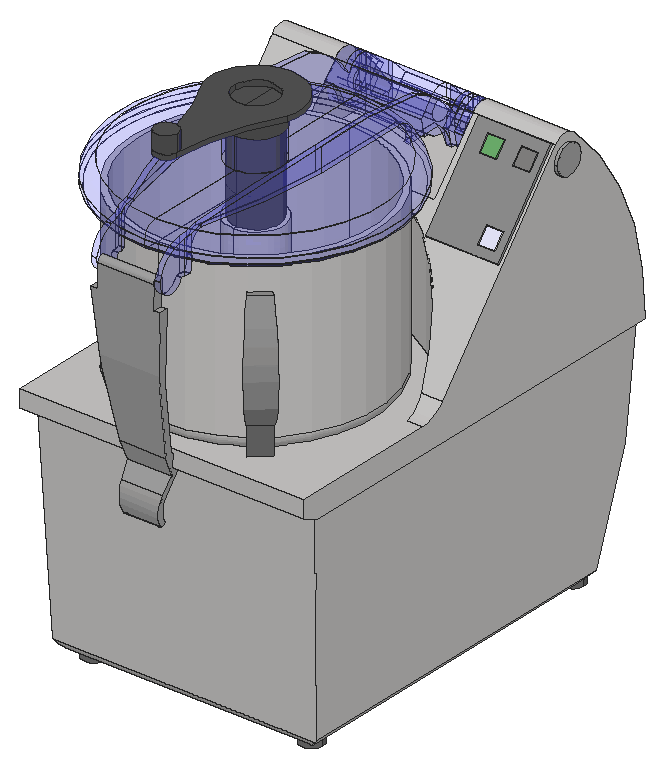
Revit family "QF_ELECTROLUXPROFESSIONAL_600544_K45Y1V6IG", category Specialty Equipment, Revit 2018
Family settings
  Round Connector Dimension = Use Diameter
  Part Type = Normal
  Work Plane-Based = No
  Always vertical = Yes
  Cut with Voids When Loaded = No
  Shared = No
  Room Calculation Point = No
Parameters (values of type "Standard")
  Weight = 22.00 kg
  Watts = 0 W
  Volts = 208 V
  URL Manufacturer = "http://professional.electrolux.com"
  URL = "http://professional.electrolux.com"
  Steam Supply Size = 0 mm
  Steam Supply Minimum Pressure = 0.0 Pa
  Steam Supply Maximum Pressure = 0.0 Pa
  Steam Pounds per Hour = 0
  Refrigeration Suction Line Size = 0.0 mm
  Refrigeration Liquid Line Size = 0.0 mm
  Refrigerant Compressor Remote = yes
  Manufacturer = "Electrolux Professional"
  Phase = 1
  Model = "K45Y1V6IG"
  Length Actual = 256.0 mm  # constant formula
  Item Number = "600544"
  Hot Water Size = 0 mm
  Height Actual = 482.0 mm  # constant formula
  HP = "1 HP"
  Gas Size = 0 mm
  Gas KW = 0
  Gas Input Pressure = 0 W
  Direct Waste Size = 0 mm
  Description = "CUTTER-MIXER 4.5L-MICROTOOTHED BLADE-1SPEED-750W-208-230V/1N/60 CB APPROVED, UK PLUG SASO"
  Depth Actual = 415.0 mm  # constant formula
  Cycle = 60 Hz
  Condensate Return Size = 0 mm
  Compressed Air Volume = 0.0 L/s
  Compressed Air Size = 0 mm
  Compressed Air Pressure = 0.0 Pa
  Cold Water Size = 0 mm
  Accessory = yes
Reference planes
  plane 1 "Center (Front/Back)": y = 0
  plane 2: z = 0
  plane 3 "Center (Left/Right)": x = 0
  plane 4 "BASE": z = 6
  plane 5 "TOP": z = 685
  plane 6 "FRONT": y = -207.5
  plane 7 "BACK": y = 207.5
  plane 8 "LEFT": x = -128
  plane 9 "RIGHT": x = 128
  plane 10 "CenterX": x = -10
  plane 11 "Maniglia": through (-10, -59.177, 4000) normal (0.766, 0.6428, 0)
  plane 12 "Panel": through (4267.2, 107.252, 388.448) normal (0, 0.766, -0.6428)
  plane 13: z = 470
Forms (mm)
  Extrusion 1, solid, material "QF_Finishes_Stainless Steel"
    sketch origin (0, 0, 0) x (0, 1, 0) y (0, 0, 1)
      loop
        arc (155.897, 6) -> (160.37, 10.596) -> (163.359, 16.27) r 22.417
        arc (163.359, 16.27) -> (192.273, 107.896) -> (201.98, 203.483) r 470.678
        line (201.98, 203.483) -> (-161.42, 203.483)
        arc (-161.42, 203.483) -> (-159.547, 108.877) -> (-151.391, 14.604) r 1423.016
        arc (-151.391, 14.604) -> (-146.603, 8.365) -> (-139.103, 6) r 13.076
        line (-139.103, 6) -> (155.897, 6)
    from -128 to 128
  Extrusion 2, void
    sketch origin (0, -207.5, 0) x (-1, 0, 0) y (0, 0, 1)
      loop
        line (128, 203.483) -> (125, 203.483) -> (119.389, 16.27) -> (109.119, 6) -> (128, 6) -> (128, 203.483)
      loop
        line (-128, 203.483) -> (-128, 6) -> (-109.119, 6) -> (-119.389, 16.27) -> (-125, 203.483) -> (-128, 203.483)
    from 14.374 to 435.947
  Extrusion 3, solid, material "QF_Finishes_Stainless Steel"
    sketch origin (0, 0, 0) x (0, 1, 0) y (0, 0, 1)
      loop
        arc (207.5, 203.483) -> (187.745, 305.45) -> (127.203, 389.844) r 242.898
        arc (127.203, 389.844) -> (116.931, 393.38) -> (107.252, 388.448) r 13.902
        line (107.252, 388.448) -> (-20.106, 236.67)
        arc (-20.106, 236.67) -> (-30.264, 228.875) -> (-42.764, 226.104) r 29.578
        line (-42.764, 226.104) -> (-177.764, 226.104) -> (-177.764, 211.104) -> (-161.42, 203.483) -> (207.5, 203.483)
    from -128 to 128
  Extrusion 4, void
    sketch origin (0, -207.5, 0) x (-1, 0, 0) y (0, 0, 1)
      loop
        line (-53.607, 393.414) -> (-53.607, 336.684) -> (71.073, 336.684) -> (71.073, 393.414) -> (-53.607, 393.414)
    from 255.469 to 415
  Revolve 5, solid, material "QF_Plastic-Black"
    sketch origin (-10, 0, 0) x (0, -1, 0) y (0, 0, 1)
      loop
        line (59.177, 450.527) -> (28.516, 450.527) -> (35.424, 443.619) -> (35.424, 430.527) -> (38.194, 430.527) -> (38.194, 356.104) -> (59.177, 356.104) -> (59.177, 450.527)
      axis (59.177, 356.104) -> (59.177, 450.527)
    angle from 0 to 360
  Extrusion 6, solid, material "QF_Plastic-Black"
    sketch origin (0, 0, 0) x (1, 0, 0) y (0, 1, 0)
      loop
        arc (-48.167, -71.147) -> (-28.951, -114.517) -> (-19.956, -161.093) r 210.055
        arc (-19.956, -161.093) -> (-10, -170.155) -> (-0.044, -161.093) r 10
        arc (-0.044, -161.093) -> (8.951, -114.517) -> (28.167, -71.147) r 210.055
        arc (28.167, -71.147) -> (-10, -19.177) -> (-48.167, -71.147) r 40
    from 450.5 to 455
  Extrusion 7, solid, material "QF_Plastic-Black"
    sketch origin (0, 0, 0) x (1, 0, 0) y (0, 1, 0)
      loop
        circle (-10, -160.155) r 10
    from 455 to 470
  Extrusion 8, void
    sketch origin (0, 0, 0) x (1, 0, 0) y (0, 1, 0)
      loop
        circle (-10, -59.177) r 19
    from 427.6 to 472.8
  Extrusion 9, void
    sketch origin (0, 0, 0) x (1, 0, 0) y (0, 1, 0)
      loop
        arc (115, -59.177) -> (-10, 65.823) -> (-135, -59.177) r 125
        line (-135, -59.177) -> (115, -59.177)
    from 226.104 to 336.684
  Extrusion 10, void
    sketch origin (-20, 0, 0) x (-1, 0, 0) y (0, -1, 0)
      loop
        line (16.15, 177.864) -> (16.15, -123.86) -> (35.771, -123.86) -> (35.771, 48.192)
        arc (35.771, 48.192) -> (30.047, 105.502) -> (17.781, 161.776) r 500.876
        line (17.781, 161.776) -> (17.781, 171.776) -> (16.15, 177.864)
      loop
        line (40.771, -123.86) -> (45.852, -123.86) -> (45.852, 210.681) -> (21.15, 210.681) -> (21.15, 178.522) -> (22.781, 172.434) -> (22.781, 162.459)
        arc (22.781, 162.459) -> (35.047, 105.893) -> (40.771, 48.297) r 505.876
        line (40.771, 48.297) -> (40.771, -123.86)
    from 350.345 to 477.521
  Extrusion 11, solid, material "Glass"
    sketch origin (-20, 0, 0) x (0, 1, 0) y (0, 0, -1)
      loop
        line (-173.064, -369.647) -> (-181.303, -369.647)
        arc (-181.303, -369.647) -> (-196.341, -361.818) -> (-205.451, -376.117) r 12.548
        arc (-205.451, -376.117) -> (-199.87, -388.651) -> (-189.058, -397.099) r 28.357
        arc (-189.058, -397.099) -> (-65.868, -423.241) -> (59.99, -418.888) r 518.061
        arc (59.99, -418.888) -> (85.116, -404.522) -> (104.437, -382.973) r 90.696
        arc (104.437, -382.973) -> (113.885, -392.821) -> (127.203, -389.844) r 13.902
        arc (127.203, -389.844) -> (135.322, -382.188) -> (143.082, -374.167) r 242.898
        line (143.082, -374.167) -> (137.378, -368.464)
        arc (137.378, -368.464) -> (123.613, -353.84) -> (104.088, -358.543) r 20
        line (104.088, -358.543) -> (99.34, -358.543)
        arc (99.34, -358.543) -> (94.194, -371.609) -> (85.823, -382.884) r 53.446
        line (85.823, -382.884) -> (50.823, -382.884)
        arc (50.823, -382.884) -> (52.796, -383.701) -> (53.614, -385.674) r 2.79
        line (53.614, -385.674) -> (53.614, -390.892)
        arc (53.614, -390.892) -> (50.154, -399.244) -> (41.802, -402.703) r 11.812
        line (41.802, -402.703) -> (-160.307, -402.703)
        arc (-160.307, -402.703) -> (-168.659, -399.244) -> (-172.119, -390.892) r 11.812
        line (-172.119, -390.892) -> (-172.119, -385.826)
        arc (-172.119, -385.826) -> (-171.728, -384.361) -> (-170.659, -383.285) r 2.942
        line (-170.659, -383.285) -> (-173.064, -369.647)
      loop
        circle (117.901, -373.007) r 9.416
    from 16.15 to 45.852
  Extrusion 12, solid, material "Glass"
    sketch origin (0, 0, 0) x (0, 1, 0) y (0, 0, 1)
      loop
        line (137.378, 368.464) -> (143.082, 374.167)
        arc (143.082, 374.167) -> (135.322, 382.188) -> (127.203, 389.844) r 242.898
        arc (127.203, 389.844) -> (116.931, 393.38) -> (107.252, 388.448) r 13.902
        line (107.252, 388.448) -> (95.766, 374.76)
        arc (95.766, 374.76) -> (97.862, 366.72) -> (99.34, 358.543) r 108.872
        line (99.34, 358.543) -> (104.088, 358.543)
        arc (104.088, 358.543) -> (123.613, 353.84) -> (137.378, 368.464) r 20
      loop
        circle (117.901, 373.007) r 9.416
    from -71.073 to 53.607
  Extrusion 13, solid, material "QF_Finishes_Gray"
    sketch origin (0, 0, 0) x (0, 1, 0) y (0, 0, 1)
      loop
        arc (-182.273, 168.111) -> (-185.377, 178.111) -> (-182.273, 188.111) r 17.658
        line (-182.273, 188.111) -> (-169.592, 207.294) -> (-177.764, 211.104) -> (-177.764, 222.201) -> (-180.378, 224.815)
        arc (-180.378, 224.815) -> (-194.973, 298.318) -> (-196.805, 373.235) r 437.299
        arc (-196.805, 373.235) -> (-201.296, 377.726) -> (-205.788, 373.235) r 4.491
        arc (-205.788, 373.235) -> (-201.07, 296.739) -> (-185.461, 221.705) r 534.528
        line (-185.461, 221.705) -> (-177.764, 203.503) -> (-186.394, 190.943)
        arc (-186.394, 190.943) -> (-190.377, 178.111) -> (-186.394, 165.28) r 22.658
        arc (-186.394, 165.28) -> (-182.917, 164.635) -> (-182.273, 168.111) r 2.5
    from -49.646 to 27.326
  Extrusion 14, void
    sketch origin (0, -207.5, 0) x (-1, 0, 0) y (0, 0, 1)
      loop
        line (-15.15, 396.938) -> (-47.326, 396.938) -> (-47.326, 161.938) -> (-5.366, 161.938) -> (-20.516, 351.652) -> (-15.15, 351.652) -> (-15.15, 396.938)
      loop
        line (26.963, 161.938) -> (77.918, 161.938) -> (77.918, 396.938) -> (35.15, 396.938) -> (35.15, 351.652) -> (42.113, 351.652) -> (26.963, 161.938)
    from 46.08 to -69.339
  Extrusion 15, solid, material "Glass"
    sketch origin (0, 0, 0) x (0, 1, 0) y (0, 0, 1)
      loop
        line (-173.064, 369.647) -> (-170.659, 383.285)
        arc (-170.659, 383.285) -> (-171.728, 384.361) -> (-172.119, 385.826) r 2.942
        line (-172.119, 385.826) -> (-172.119, 390.892)
        arc (-172.119, 390.892) -> (-168.659, 399.244) -> (-160.307, 402.703) r 11.812
        line (-160.307, 402.703) -> (41.802, 402.703)
        arc (41.802, 402.703) -> (50.154, 399.244) -> (53.614, 390.892) r 11.812
        line (53.614, 390.892) -> (53.614, 385.674)
        arc (53.614, 385.674) -> (52.796, 383.701) -> (50.823, 382.884) r 2.79
        line (50.823, 382.884) -> (85.823, 382.884)
        arc (85.823, 382.884) -> (94.194, 371.609) -> (99.34, 358.543) r 53.446
        line (99.34, 358.543) -> (104.088, 358.543)
        arc (104.088, 358.543) -> (123.613, 353.84) -> (137.378, 368.464) r 20
        line (137.378, 368.464) -> (143.082, 374.167)
        arc (143.082, 374.167) -> (135.322, 382.188) -> (127.203, 389.844) r 242.898
        arc (127.203, 389.844) -> (113.885, 392.821) -> (104.437, 382.973) r 13.902
        arc (104.437, 382.973) -> (85.116, 404.522) -> (59.99, 418.888) r 90.696
        arc (59.99, 418.888) -> (-65.868, 423.241) -> (-189.058, 397.099) r 518.061
        arc (-189.058, 397.099) -> (-199.87, 388.651) -> (-205.451, 376.117) r 28.357
        arc (-205.451, 376.117) -> (-196.341, 361.818) -> (-181.303, 369.647) r 12.548
        line (-181.303, 369.647) -> (-173.064, 369.647)
      loop
        circle (117.901, 373.007) r 9.416
    from 16.15 to 45.852
  Extrusion 16, void
    sketch origin (0, 0, 0) x (1, 0, 0) y (0, 1, 0)
      loop
        line (16.15, -177.864) -> (17.781, -171.776) -> (17.781, -161.776)
        arc (17.781, -161.776) -> (30.047, -105.502) -> (35.771, -48.192) r 500.876
        line (35.771, -48.192) -> (35.771, 123.86) -> (16.15, 123.86) -> (16.15, -177.864)
      loop
        line (40.771, 123.86) -> (40.771, -48.297)
        arc (40.771, -48.297) -> (35.047, -105.893) -> (22.781, -162.459) r 505.876
        line (22.781, -162.459) -> (22.781, -172.434) -> (21.15, -178.522) -> (21.15, -210.681) -> (45.852, -210.681) -> (45.852, 123.86) -> (40.771, 123.86)
    from 350.345 to 477.521
  Revolve 17, solid, material "Glass"
    sketch origin (-10, 0, -40) x (0, -1, 0) y (0, 0, 1)
      loop
        line (38.194, 422.884) -> (38.194, 470.527) -> (35.424, 470.527) -> (35.424, 442.703) -> (-53.802, 442.703)
        arc (-53.802, 442.703) -> (-62.213, 439.268) -> (-65.732, 430.892) r 11.871
        line (-65.732, 430.892) -> (-65.732, 425.793)
        arc (-65.732, 425.793) -> (-64.88, 423.736) -> (-62.823, 422.884) r 2.909
        line (-62.823, 422.884) -> (38.194, 422.884)
      axis (59.177, 422.884) -> (59.177, 470.527)
    angle from 0 to 360
  Revolve 18, solid, material "QF_Metal-Stainless-Polished"
    sketch origin (-10, 0, 0) x (0, -1, 0) y (0, 0, 1)
      loop
        line (169.177, 382.884) -> (164.177, 382.884) -> (164.177, 237.884)
        arc (164.177, 237.884) -> (162.191, 233.09) -> (157.397, 231.104) r 6.78
        line (157.397, 231.104) -> (84.177, 231.104) -> (84.177, 356.104) -> (79.177, 356.104) -> (79.177, 226.104) -> (157.397, 226.104)
        arc (157.397, 226.104) -> (165.726, 229.554) -> (169.177, 237.884) r 11.78
        line (169.177, 237.884) -> (169.177, 382.884)
      axis (59.177, 382.884) -> (59.177, 226.104)
    angle from 0 to 360
  Extrusion 19, solid, material "QF_Plastic-Gray-Matte"
    sketch origin (-49.423, -13.925, 0) x (0.634002, 0.773331, 0) y (-0.773331, 0.634002, 0)
      loop
        line (-55.497, -222.333) -> (-26.468, -227.794) -> (-20.635, -161.119)
        arc (-20.635, -161.119) -> (-28.727, -159.898) -> (-36.729, -158.185) r 133.529
        line (-36.729, -158.185) -> (-55.497, -222.333)
    from 226.104 to 356.104
  Revolve 20, void
    sketch origin (-35.007, -29.374, 0) x (-0.642788, 0.766044, 0) y (0, 0, 1)
      loop
        arc (-155.215, 337.579) -> (-171.344, 302.579) -> (-155.215, 267.579) r 46.04
        line (-155.215, 267.579) -> (-147.754, 267.579) -> (-147.754, 337.579) -> (-155.215, 337.579)
      loop
        line (-155.215, 356.104) -> (-147.754, 356.104) -> (-147.754, 361.761) -> (-215.215, 361.761) -> (-215.215, 226.104) -> (-147.754, 226.104) -> (-147.754, 256.485) -> (-163.93, 256.485)
        arc (-163.93, 256.485) -> (-184.453, 308.471) -> (-155.215, 356.104) r 62.537
      axis (10, 361.761) -> (10, 226.104)
    angle from -8.217 to 8.652
  Extrusion 21, solid, material "QF_Finishes_Rubber Black"
    sketch origin (0, 0, 0) x (1, 0, 0) y (0, 1, 0)
      loop
        arc (57.446, -154.071) -> (64.931, -148.135) -> (72.061, -141.775) r 165.215
        line (72.061, -141.775) -> (66.401, -136.116)
        arc (66.401, -136.116) -> (59.824, -141.977) -> (52.928, -147.46) r 157.215
        line (52.928, -147.46) -> (57.446, -154.071)
    from 226.104 to 256.485
  Extrusion 22, solid, material "QF_Plastic-Gray-Matte"
    sketch origin (0, -128.336, 107.686) x (0, 0.642788, 0.766044) y (1, 0, 0)
      loop
        line (366.07, 59.066) -> (366.07, 124.8) -> (272.743, 124.8) -> (272.743, 59.066) -> (366.07, 59.066)
      loop
        line (356.63, 102.599) -> (356.63, 117.599) -> (341.63, 117.599) -> (341.63, 102.599) -> (356.63, 102.599)
      loop
        line (295.63, 102.599) -> (295.63, 117.599) -> (280.63, 117.599) -> (280.63, 102.599) -> (295.63, 102.599)
      loop
        line (356.63, 72.599) -> (356.63, 87.599) -> (341.63, 87.599) -> (341.63, 72.599) -> (356.63, 72.599)
    from -1 to 0.6
  Extrusion 23, solid, material "QF_Finishes_Red"
    sketch origin (0, -128.336, 107.686) x (0, 0.642788, 0.766044) y (1, 0, 0)
      loop
        line (356.63, 102.599) -> (356.63, 117.599) -> (341.63, 117.599) -> (341.63, 102.599) -> (356.63, 102.599)
    from -1 to 0.6
  Extrusion 24, solid, material "QF_Finishes_Green"
    sketch origin (-27.396, -127.834, 108.284) x (0, 0.642788, 0.766044) y (1, 0, 0)
      loop
        line (355.85, 99.994) -> (355.85, 114.994) -> (340.786, 114.994) -> (340.786, 99.994) -> (355.85, 99.994)
    from -1 to 0.6
  Extrusion 25, solid, material "QF_Plastic-White-Matte"
    sketch origin (0, -167.546, 60.958) x (0, 0.642788, 0.766044) y (1, 0, 0)
      loop
        line (356.63, 102.599) -> (356.63, 117.599) -> (341.63, 117.599) -> (341.63, 102.599) -> (356.63, 102.599)
    from -1 to 0.6
  Extrusion 26, solid, material "QF_Finishes_Stainless Steel"
    sketch origin (0, 207.5, 0) x (-1, 0, 0) y (0, 0, 1)
      loop
        circle (0, 202) r 10.353
    from -6.2 to 3
  Revolve 27, solid, material "QF_Door-Drawer Clearances", detail levels coarse
    sketch origin (-10, -221.856, 479.549) x (0, 0, 1) y (0, 1, 0)
      loop
        line (59.177, 490.527) -> (28.516, 490.527) -> (35.424, 483.619) -> (35.424, 470.527) -> (38.194, 470.527) -> (38.194, 442.703) -> (59.177, 442.703) -> (59.177, 490.527)
      axis (59.177, 442.703) -> (59.177, 490.527)
    angle from 0 to 360
  Extrusion 28, solid, material "QF_Door-Drawer Clearances", detail levels coarse
    sketch origin (0, -221.856, 479.549) x (1, 0, 0) y (0, 0, -1)
      loop
        arc (-48.167, -71.147) -> (-28.951, -114.517) -> (-19.956, -161.093) r 210.055
        arc (-19.956, -161.093) -> (-10, -170.155) -> (-0.044, -161.093) r 10
        arc (-0.044, -161.093) -> (8.951, -114.517) -> (28.167, -71.147) r 210.055
        arc (28.167, -71.147) -> (-10, -19.177) -> (-48.167, -71.147) r 40
    from 490.527 to 495.013
  Extrusion 29, solid, material "QF_Door-Drawer Clearances", detail levels coarse
    sketch origin (0, -221.856, 479.549) x (1, 0, 0) y (0, 0, -1)
      loop
        circle (-10, -160.155) r 10
    from 495.013 to 510.592
  Extrusion 30, void
    sketch origin (-20, -221.856, 479.359) x (-1, 0, 0) y (0, 0, 1)
      loop
        line (16.15, 177.864) -> (16.15, -123.86) -> (35.771, -123.86) -> (35.771, 48.192)
        arc (35.771, 48.192) -> (30.047, 105.502) -> (17.781, 161.776) r 500.876
        line (17.781, 161.776) -> (17.781, 171.776) -> (16.15, 177.864)
      loop
        line (40.771, -123.86) -> (45.852, -123.86) -> (45.852, 210.681) -> (21.15, 210.681) -> (21.15, 178.522) -> (22.781, 172.434) -> (22.781, 162.459)
        arc (22.781, 162.459) -> (35.047, 105.893) -> (40.771, 48.297) r 505.876
        line (40.771, 48.297) -> (40.771, -123.86)
    from 350.345 to 477.521
  Extrusion 31, solid, material "QF_Door-Drawer Clearances", detail levels coarse
    sketch origin (-20, -221.856, 479.359) x (0, 0, -1) y (0, -1, 0)
      loop
        line (-173.064, -409.647) -> (-181.303, -409.647)
        arc (-181.303, -409.647) -> (-196.341, -401.818) -> (-205.451, -416.117) r 12.548
        arc (-205.451, -416.117) -> (-199.87, -428.651) -> (-189.058, -437.099) r 28.357
        arc (-189.058, -437.099) -> (-65.868, -463.241) -> (59.99, -458.888) r 518.061
        arc (59.99, -458.888) -> (92.246, -438.11) -> (113.023, -405.855) r 90.696
        arc (113.023, -405.855) -> (114.903, -399.662) -> (115.972, -393.28) r 50.278
        arc (115.972, -393.28) -> (121.968, -392.806) -> (127.203, -389.844) r 13.902
        arc (127.203, -389.844) -> (129.309, -387.924) -> (131.393, -385.98) r 242.898
        arc (131.393, -385.98) -> (114.739, -373.307) -> (99.238, -359.247) r 242.898
        arc (99.238, -359.247) -> (87.934, -393.903) -> (65.823, -422.884) r 108.872
        line (65.823, -422.884) -> (50.823, -422.884)
        arc (50.823, -422.884) -> (52.796, -423.701) -> (53.614, -425.674) r 2.79
        line (53.614, -425.674) -> (53.614, -430.892)
        arc (53.614, -430.892) -> (50.154, -439.244) -> (41.802, -442.703) r 11.812
        line (41.802, -442.703) -> (-160.307, -442.703)
        arc (-160.307, -442.703) -> (-168.659, -439.244) -> (-172.119, -430.892) r 11.812
        line (-172.119, -430.892) -> (-172.119, -425.826)
        arc (-172.119, -425.826) -> (-171.728, -424.361) -> (-170.659, -423.285) r 2.942
        line (-170.659, -423.285) -> (-173.064, -409.647)
    from 16.15 to 45.852
  Extrusion 32, void
    sketch origin (0, -221.856, 479.359) x (1, 0, 0) y (0, 0, -1)
      loop
        line (16.15, -177.864) -> (17.781, -171.776) -> (17.781, -161.776)
        arc (17.781, -161.776) -> (30.047, -105.502) -> (35.771, -48.192) r 500.876
        line (35.771, -48.192) -> (35.771, 123.86) -> (16.15, 123.86) -> (16.15, -177.864)
      loop
        line (40.771, 123.86) -> (40.771, -48.297)
        arc (40.771, -48.297) -> (35.047, -105.893) -> (22.781, -162.459) r 505.876
        line (22.781, -162.459) -> (22.781, -172.434) -> (21.15, -178.522) -> (21.15, -210.681) -> (45.852, -210.681) -> (45.852, 123.86) -> (40.771, 123.86)
    from 350.345 to 477.521
  Extrusion 33, solid, material "QF_Door-Drawer Clearances", detail levels coarse
    sketch origin (0, -221.856, 479.359) x (0, 0, -1) y (0, 1, 0)
      loop
        line (-173.064, 409.647) -> (-170.659, 423.285)
        arc (-170.659, 423.285) -> (-171.728, 424.361) -> (-172.119, 425.826) r 2.942
        line (-172.119, 425.826) -> (-172.119, 430.892)
        arc (-172.119, 430.892) -> (-168.659, 439.244) -> (-160.307, 442.703) r 11.812
        line (-160.307, 442.703) -> (41.802, 442.703)
        arc (41.802, 442.703) -> (50.154, 439.244) -> (53.614, 430.892) r 11.812
        line (53.614, 430.892) -> (53.614, 425.674)
        arc (53.614, 425.674) -> (52.796, 423.701) -> (50.823, 422.884) r 2.79
        line (50.823, 422.884) -> (65.823, 422.884)
        arc (65.823, 422.884) -> (87.934, 393.903) -> (99.238, 359.247) r 108.872
        arc (99.238, 359.247) -> (114.739, 373.307) -> (131.393, 385.98) r 242.898
        arc (131.393, 385.98) -> (129.309, 387.924) -> (127.203, 389.844) r 242.898
        arc (127.203, 389.844) -> (121.968, 392.806) -> (115.972, 393.28) r 13.902
        arc (115.972, 393.28) -> (114.903, 399.662) -> (113.023, 405.855) r 50.278
        arc (113.023, 405.855) -> (92.246, 438.11) -> (59.99, 458.888) r 90.696
        arc (59.99, 458.888) -> (-65.868, 463.241) -> (-189.058, 437.099) r 518.061
        arc (-189.058, 437.099) -> (-199.87, 428.651) -> (-205.451, 416.117) r 28.357
        arc (-205.451, 416.117) -> (-196.341, 401.818) -> (-181.303, 409.647) r 12.548
        line (-181.303, 409.647) -> (-173.064, 409.647)
    from 16.15 to 45.852
  Revolve 34, solid, material "QF_Door-Drawer Clearances", detail levels coarse
    sketch origin (-10, -221.856, 479.549) x (0, 0, 1) y (0, 1, 0)
      loop
        line (38.194, 422.884) -> (38.194, 470.527) -> (35.424, 470.527) -> (35.424, 442.703) -> (-53.802, 442.703)
        arc (-53.802, 442.703) -> (-62.213, 439.268) -> (-65.732, 430.892) r 11.871
        line (-65.732, 430.892) -> (-65.732, 425.793)
        arc (-65.732, 425.793) -> (-64.88, 423.736) -> (-62.823, 422.884) r 2.909
        line (-62.823, 422.884) -> (38.194, 422.884)
      axis (59.177, 422.884) -> (59.177, 470.527)
    angle from 0 to 360
  Extrusion 35, solid, material "QF_Finishes_Rubber Black"
    sketch origin (0, 0, 0) x (1, 0, 0) y (0, 1, 0)
      loop
        circle (-98.592, 163.359) r 10
      loop
        circle (-98.592, -131.641) r 10
      loop
        circle (98.592, 163.359) r 10
      loop
        circle (98.592, -131.641) r 10
    from 0 to 6
  Extrusion 36, solid, material "QF_Finishes_Gray"
    sketch origin (0, 0, 0) x (0, 1, 0) y (0, 0, 1)
      loop
        circle (117.901, 373.007) r 13.005
    from 131.516 to 128
  Extrusion 37, solid, material "QF_Finishes_Gray"
    sketch origin (0, 0, 0) x (0, 1, 0) y (0, 0, -1)
      loop
        circle (117.901, -373.007) r 13.005
    from 131.516 to 128
Cuts and joins
  Extrusion 2, Extrusion 8, Extrusion 9 cuts Extrusion 1
  Extrusion 4, Extrusion 9 cuts Extrusion 3
  Extrusion 8 cuts Extrusion 6
  Extrusion 10, Extrusion 16, Extrusion 30, Extrusion 32 cuts Extrusion 11
  Extrusion 14, Extrusion 16, Extrusion 30 cuts Extrusion 13
  Extrusion 16, Extrusion 30, Extrusion 32 cuts Extrusion 12
  Extrusion 16 cuts Extrusion 15
  Revolve 20 cuts Extrusion 19
  Extrusion 30 cuts Revolve 17
  Extrusion 30 cuts Revolve 18
  Extrusion 30, Extrusion 32 cuts Extrusion 31
  Extrusion 32 cuts Extrusion 33
Lines and regions (mm)
  symbolic lines
    curve 1: arc (-10, -172.155, 0) -> (3.999, -171.284, 0) -> (17.781, -168.686, 0) r 112.979
    curve 2: arc (-10, -184.085, 0) -> (-23.148, -183.391, 0) -> (-36.15, -181.317, 0) r 124.909
    curve 3: line (128, -157.764, 0) -> (128, 187.57, 0)
    curve 4: line (124.8, 106.204, 0) -> (59.066, 106.204, 0)
    curve 5: line (102.599, 90.494, 0) -> (117.599, 90.494, 0)
    curve 6: line (117.599, 62.151, 0) -> (102.599, 62.151, 0)
    curve 7: line (102.599, 51.284, 0) -> (117.599, 51.284, 0)
    curve 8: line (102.599, 62.151, 0) -> (102.599, 51.284, 0)
    curve 9: line (117.599, 51.284, 0) -> (117.599, 62.151, 0)
    curve 10: line (117.599, 90.494, 0) -> (117.599, 101.361, 0)
    curve 11: line (102.599, 101.361, 0) -> (102.599, 90.494, 0)
    curve 12: arc (-0.044, -161.093, 0) -> (8.951, -114.517, 0) -> (28.167, -71.147, 0) r 210.055
    curve 13: arc (28.167, -71.147, 0) -> (-10, -19.177, 0) -> (-48.167, -71.147, 0) r 40
    curve 14: arc (-48.167, -71.147, 0) -> (-28.951, -114.517, 0) -> (-19.956, -161.093, 0) r 210.055
    curve 15: arc (-19.956, -161.093, 0) -> (-10, -170.155, 0) -> (-0.044, -161.093, 0) r 10
    curve 16: arc (0, -160.155, 0) -> (-10, -150.155, 0) -> (-20, -160.155, 0) r 10
    curve 17: arc (-55.771, -48.192, 0) -> (-50.047, -105.502, 0) -> (-37.781, -161.776, 0) r 500.876
    curve 18: arc (-42.781, -162.459, 0) -> (-55.047, -105.893, 0) -> (-60.771, -48.297, 0) r 505.876
    curve 19: line (-55.771, 123.86, 0) -> (-55.771, -48.192, 0)
    curve 20: line (-60.771, -48.297, 0) -> (-60.771, 123.86, 0)
    curve 21: line (40.771, 123.86, 0) -> (40.771, -48.297, 0)
    curve 22: line (35.771, -48.192, 0) -> (35.771, 123.86, 0)
    curve 23: arc (40.771, -48.297, 0) -> (35.047, -105.893, 0) -> (22.781, -162.459, 0) r 505.876
    curve 24: arc (17.781, -161.776, 0) -> (30.047, -105.502, 0) -> (35.771, -48.192, 0) r 500.876
    curve 25: line (22.781, -162.459, 0) -> (22.781, -172.434, 0)
    curve 26: line (17.781, -171.776, 0) -> (17.781, -161.776, 0)
    curve 27: line (16.15, -177.864, 0) -> (17.781, -171.776, 0)
    curve 28: line (22.781, -172.434, 0) -> (21.15, -178.522, 0)
    curve 29: line (21.15, -178.522, 0) -> (21.15, -205.641, 0)
    curve 30: line (-37.781, -161.776, 0) -> (-37.781, -171.776, 0)
    curve 31: line (-42.781, -172.434, 0) -> (-42.781, -162.459, 0)
    curve 32: line (-41.15, -178.522, 0) -> (-42.781, -172.434, 0)
    curve 33: line (-37.781, -171.776, 0) -> (-36.15, -177.864, 0)
    curve 34: line (-41.15, -205.641, 0) -> (-41.15, -178.522, 0)
    curve 35: spline (22.008, -197.61, 0) -> (21.937, -197.617, 0) -> (21.865, -197.622, 0) -> (21.794, -197.626, 0) -> (21.722, -197.627, 0) -> (21.651, -197.627, 0) -> (21.579, -197.625, 0) -> (21.508, -197.621, 0) -> (21.436, -197.615, 0) -> (21.365, -197.608, 0) -> (21.293, -197.598, 0) -> (21.222, -197.587, 0) -> (21.15, -197.574, 0)
    curve 36: line (-71.073, 171.51, 0) -> (53.607, 171.51, 0)
    curve 37: line (59.066, 46.214, 0) -> (124.8, 46.214, 0)
    curve 38: line (59.066, 106.204, 0) -> (59.066, 46.214, 0)
    curve 39: line (124.8, 46.214, 0) -> (124.8, 107.429, 0)
    curve 40: line (53.607, 48.324, 0) -> (53.607, 171.51, 0)
    curve 41: line (-71.073, 171.51, 0) -> (-71.073, 49.783, 0)
    curve 42: arc (40.771, 54.948, 0) -> (114.476, -69.566, 0) -> (21.15, -180.138, 0) r 124.909
    curve 43: arc (-60.771, 41.751, 0) -> (-122.562, -68.863, 0) -> (-42.781, -167.295, 0) r 112.979
    curve 44: line (93.154, -162.392, 0) -> (78.293, -147.531, 0)
    curve 45: line (93.154, -162.392, 0) -> (74.048, -178.424, 0)
    curve 46: line (74.048, -178.424, 0) -> (61.96, -161.274, 0)
    curve 47: arc (-37.781, -168.686, 0) -> (-23.999, -171.284, 0) -> (-10, -172.155, 0) r 112.979
    curve 48: arc (-41.15, -180.138, 0) -> (-94.625, -151.05, 0) -> (-128, -100.142, 0) r 124.909
    curve 49: arc (22.781, -167.295, 0) -> (102.562, -68.863, 0) -> (40.771, 41.751, 0) r 112.979
    curve 50: arc (16.15, -181.317, 0) -> (3.148, -183.391, 0) -> (-10, -184.085, 0) r 124.909
    curve 51: line (16.15, -205.242, 0) -> (16.15, -177.864, 0)
    curve 52: line (-36.15, -205.641, 0) -> (-36.15, -177.864, 0)
    curve 53: line (-41.15, -205.641, 0) -> (21.15, -205.641, 0)
    curve 54: line (22.008, -205.53, 0) -> (22.008, -197.61, 0)
    curve 55: line (22.008, -205.53, 0) -> (21.15, -205.53, 0)
    curve 56: spline (-42.008, -197.61, 0) -> (-41.937, -197.617, 0) -> (-41.865, -197.622, 0) -> (-41.794, -197.626, 0) -> (-41.722, -197.627, 0) -> (-41.651, -197.627, 0) -> (-41.579, -197.625, 0) -> (-41.508, -197.621, 0) -> (-41.436, -197.615, 0) -> (-41.365, -197.608, 0) -> (-41.293, -197.598, 0) -> (-41.222, -197.587, 0) -> (-41.15, -197.574, 0)
    curve 57: line (-42.008, -205.53, 0) -> (-42.008, -197.61, 0)
    curve 58: line (-42.008, -205.53, 0) -> (-41.15, -205.53, 0)
    curve 59: arc (-128, -18.211, 0) -> (-101.973, 25.34, 0) -> (-60.771, 54.948, 0) r 124.909
    curve 60: arc (-128, -100.142, 0) -> (-134.909, -59.177, 0) -> (-128, -18.211, 0) r 124.909
    curve 61: line (-108, -177.764, 0) -> (-49.233, -177.764, 0)
    curve 62: line (-128, 187.57, 0) -> (-128, -17.764, 0)
    curve 63: line (29.233, -177.764, 0) -> (108, -177.764, 0)
    curve 64: line (-128, -97.764, 0) -> (-128, -157.764, 0)
    curve 65: line (-108, 207.57, 0) -> (108, 207.57, 0)
    curve 66: arc (-128, -157.764, 0) -> (-122.142, -171.906, 0) -> (-108, -177.764, 0) r 20
    curve 67: arc (108, -177.764, 0) -> (122.142, -171.906, 0) -> (128, -157.764, 0) r 20
    curve 68: arc (128, 187.57, 0) -> (122.142, 201.713, 0) -> (108, 207.57, 0) r 20
    curve 69: arc (-108, 207.57, 0) -> (-122.142, 201.713, 0) -> (-128, 187.57, 0) r 20
    curve 70: line (45.852, 123.86, 0) -> (-71.073, 123.86, 0)
    curve 71: line (45.852, 137.378, 0) -> (-65.852, 137.378, 0)
    curve 72: line (45.852, 143.082, 0) -> (-65.852, 143.082, 0)
    curve 73: line (53.607, 123.86, 0) -> (45.852, 123.86, 0)
    curve 74: line (45.852, 123.86, 0) -> (45.852, 170.216, 0)
    curve 75: line (45.852, 170.216, 0) -> (-65.852, 170.216, 0)
    curve 76: line (-65.852, 170.216, 0) -> (-65.852, 123.86, 0)
    curve 77: line (102.599, 101.361, 0) -> (117.599, 101.361, 0)
    curve 78: line (72.599, 90.494, 0) -> (87.599, 90.494, 0)
    curve 79: line (87.599, 90.494, 0) -> (87.599, 101.361, 0)
    curve 80: line (72.599, 101.361, 0) -> (72.599, 90.494, 0)
    curve 81: line (72.599, 101.361, 0) -> (87.599, 101.361, 0)
Dimensions and locks
  plane 4 "BASE" to level = 6.0 mm
  plane 5 "TOP" to level = 685.0 mm  (x2)
  plane 8 "LEFT" to plane 3 "Center (Left/Right)" to plane 9 "RIGHT" = 128.0 mm, 128.0 mm
  plane 7 "BACK" to plane 1 "Center (Front/Back)" to plane 6 "FRONT" = 207.5 mm, 207.5 mm
  plane 7 "BACK" to plane 6 "FRONT" = 415.0 mm
  plane 8 "LEFT" to plane 9 "RIGHT" = 256.0 mm
  plane 10 "CenterX" to plane 3 "Center (Left/Right)" = 10.0 mm
  plane 13 to level = 470.0 mm
  aligned and locked: level to plane 2
  aligned and locked: Extrusion 22 sketch curve to Extrusion 23
Connectors
  electrical at (0, 210.5, 202)
    settings: on Extrusion 26, index 1, voltage 0 V, apparent load 0 VA, apparent load phase1 0 VA, apparent load phase2 0 VA, apparent load phase3 0 VA, power factor 1, load classification "Other", number of poles 1, system type 30, power factor state 1, is connector primary yes, connector utility no, sub classification motor no, connector description "Electrical connection"
